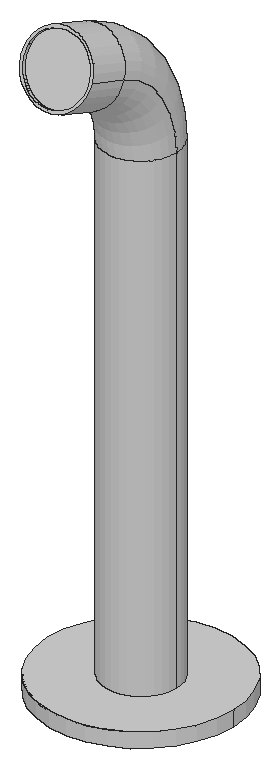
Revit family "Liano II - 210mm Basin-bath Outlet - Round", category Specialty Equipment, host Face, Revit 2019
Family settings
  Host = Face
  Round Connector Dimension = Use Radius
  Part Type = Normal
  OmniClass Number = 23.45.55.14
  OmniClass Title = Single Faucets
  Cut with Voids When Loaded = No
  Shared = No
  Room Calculation Point = No
Parameters (values of type "Liano II - 210mm Basin/bath Outlet - Round - Chrome")
  URL = "https://www.caroma.com.au/"
  Model = "96374C6A"
  Material_Base = GWA_Metal-Chrome
  Manufacturer = "GWA Bathrooms & Kitchens"  # constant formula
  Keynote = ""
  Description = "Liano II - 210mm Basin/bath Outlet - Round - Chrome"
  Default Elevation = 1000 mm
  CreatedBy_ANZRS = "GWA Bathrooms & Kitchens"  # constant formula
  Assembly Code = "C1030220"
Types (6, lengths in mm): name | Model | Material_Base | Description
  (no name) | "96374C6A" | GWA_Metal-Chrome | "Liano II - 210mm Basin/bath Outlet - Round - Chrome"
  Liano II - 210mm Basin/bath Outlet - Round - Chrome | "96374C6A" | GWA_Metal-Chrome | "Liano II - 210mm Basin/bath Outlet - Round - Chrome"
  Liano II - 210mm Basin/bath Outlet - Round - Matte Black | "96374B6A" | GWA-Metal-Black | "Liano II - 210mm Basin/bath Outlet - Round - Matte Black"
  Liano II - 210mm Basin/bath Outlet - Round - Brass | "96374BB6A" | GWA_Metal-Brushed-Brass | "Liano II - 210mm Basin/bath Outlet - Round - Brass"
  Liano II - 210mm Basin/bath Outlet - Round - Gunmetal | "96374GM6A" | GWA-Metal-Gunmetal Grey | "Liano II - 210mm Basin/bath Outlet - Round - Gunmetal"
  Liano II - 210mm Basin/bath Outlet - Round - Brushed Nickel | "96374BN6A" | GWA_Metal-Brushed-Nickel | "Liano II - 210mm Basin/bath Outlet - Round - Brushed Nickel"
Reference planes
  plane 1 "Center (Front/Back)": y = 0
  plane 2: z = 0
  plane 3 "Center (Left/Right)": x = 0
Forms (mm)
  Extrusion 1, solid, material "GWA_Metal-Chrome" <- "Material_Base"
    sketch origin (0, 0, 0) x (1, 0, 0) y (0, 1, 0)
      loop
        circle (0, 0) r 32.5
    from 0 to 5.2
  Sweep 2, solid, material "GWA_Metal-Chrome" <- "Material_Base"
    path origin (0, 0, 0) x (0, 1, 0) y (0, 0, 1)
      loop
        line (0, 0) -> (0, 172.593)
        arc (0, 172.593) -> (-6.33, 192.668) -> (-23.029, 205.482) r 35
        line (-23.029, 205.482) -> (-36.648, 210.439)
    profile origin (0, 0, 86.296) x (0, -1, 0) y (1, 0, 0)
      loop
        circle (0, 0) r 12.5
  Extrusion 3, void
    sketch origin (0, -99.995, 36.395) x (0, 0.34202, 0.939693) y (1, 0, 0)
      loop
        circle (185.213, 0) r 11.5
    from 1 to -3
Cuts and joins
  Extrusion 3 cuts Sweep 2
Lines and regions (mm)
  Masking region 1
    outline origin (0, 0, 0) x (1, 0, 0) y (0, 1, 0)
      loop
        arc (12.5, -30) -> (0, 32.5) -> (-12.5, -30) r 32.5
        line (-12.5, -30) -> (-12.5, -36.648)
        spline (-12.5, -36.648) -> (-12.074, -37.755) -> (-10.825, -38.786) -> (-8.839, -39.671) -> (-6.25, -40.35) -> (-3.235, -40.778) -> (0, -40.923) -> (3.235, -40.778) -> (6.25, -40.35) -> (8.839, -39.671) -> (10.825, -38.786) -> (12.074, -37.755) -> (12.5, -36.648)
        line (12.5, -36.648) -> (12.5, -30)
  Masking region 2
    outline origin (0, 0, 0) x (0, 1, 0) y (0, 0, 1)
      loop
        line (-12.5, 5.2) -> (-32.5, 5.2) -> (-32.5, 0) -> (32.5, 0) -> (32.5, 5.2) -> (12.5, 5.2) -> (12.5, 172.593)
        arc (12.5, 172.593) -> (3.91, 199.838) -> (-18.754, 217.228) r 47.5
        line (-18.754, 217.228) -> (-32.373, 222.185) -> (-40.923, 198.693) -> (-27.305, 193.736)
        arc (-27.305, 193.736) -> (-16.569, 185.498) -> (-12.5, 172.593) r 22.5
        line (-12.5, 172.593) -> (-12.5, 5.2)
  Masking region 3
    outline origin (0, 0, 0) x (1, 0, 0) y (0, 0, 1)
      loop
        line (-12.5, 5.2) -> (-32.5, 5.2) -> (-32.5, 0) -> (32.5, 0) -> (32.5, 5.2) -> (12.5, 5.2) -> (12.5, 210.439)
        spline (12.5, 210.439) -> (12.074, 213.479) -> (10.825, 216.312) -> (8.839, 218.745) -> (6.25, 220.611) -> (3.235, 221.785) -> (0, 222.185) -> (-3.235, 221.785) -> (-6.25, 220.611) -> (-8.839, 218.745) -> (-10.825, 216.312) -> (-12.074, 213.479) -> (-12.5, 210.439)
        line (-12.5, 210.439) -> (-12.5, 5.2)
  symbolic lines
    curve 1: arc (12.5, -30, 0) -> (0, 32.5, 0) -> (-12.5, -30, 0) r 32.5
    curve 2: line (-12.5, 0, 0) -> (-12.5, -36.648, 0)
    curve 3: line (12.5, 0, 0) -> (12.5, -36.648, 0)
    curve 4: arc (-12.5, 0, 0) -> (0, 12.5, 0) -> (12.5, 0, 0) r 12.5
    curve 5: spline (12.5, -36.648, 0) -> (12.074, -35.541, 0) -> (10.825, -34.51, 0) -> (8.839, -33.625, 0) -> (6.25, -32.946, 0) -> (3.235, -32.518, 0) -> (0, -32.373, 0) -> (-3.235, -32.518, 0) -> (-6.25, -32.946, 0) -> (-8.839, -33.625, 0) -> (-10.825, -34.51, 0) -> (-12.074, -35.541, 0) -> (-12.5, -36.648, 0) -> (-12.074, -37.755, 0) -> (-10.825, -38.786, 0) -> (-8.839, -39.671, 0) -> (-6.25, -40.35, 0) -> (-3.235, -40.778, 0) -> (0, -40.923, 0) -> (3.235, -40.778, 0) -> (6.25, -40.35, 0) -> (8.839, -39.671, 0) -> (10.825, -38.786, 0) -> (12.074, -37.755, 0) -> (12.5, -36.648, 0)
    curve 6: spline (0, -32.715, 0) -> (2.976, -32.849, 0) -> (5.75, -33.242, 0) -> (8.132, -33.867, 0) -> (9.959, -34.681, 0) -> (11.108, -35.63, 0) -> (11.5, -36.648, 0) -> (11.108, -37.666, 0) -> (9.959, -38.615, 0) -> (8.132, -39.429, 0) -> (5.75, -40.054, 0) -> (2.976, -40.447, 0) -> (0, -40.581, 0)
    curve 7: spline (0, -40.581, 0) -> (-2.976, -40.447, 0) -> (-5.75, -40.054, 0) -> (-8.132, -39.429, 0) -> (-9.959, -38.615, 0) -> (-11.108, -37.666, 0) -> (-11.5, -36.648, 0) -> (-11.108, -35.63, 0) -> (-9.959, -34.681, 0) -> (-8.132, -33.867, 0) -> (-5.75, -33.242, 0) -> (-2.976, -32.849, 0) -> (0, -32.715, 0)
    curve 8: spline (-11.418, -36.178, 0) -> (-10.756, -37.1, 0) -> (-9.469, -37.94, 0) -> (-7.631, -38.651, 0) -> (-5.348, -39.19, 0) -> (-2.754, -39.527, 0) -> (0, -39.642, 0) -> (2.754, -39.527, 0) -> (5.348, -39.19, 0) -> (7.631, -38.651, 0) -> (9.469, -37.94, 0) -> (10.756, -37.1, 0) -> (11.418, -36.178, 0)
    curve 9: line (0, -18.754, 217.228) -> (0, -32.373, 222.185)
    curve 10: line (0, -27.305, 193.736) -> (0, -40.923, 198.693)
    curve 11: arc (0, -27.305, 193.736) -> (0, -16.569, 185.498) -> (0, -12.5, 172.593) r 22.5
    curve 12: arc (0, -18.754, 217.228) -> (0, 3.91, 199.838) -> (0, 12.5, 172.593) r 47.5
    curve 13: line (0, 12.5, 5.2) -> (0, 12.5, 172.593)
    curve 14: line (0, -12.5, 5.2) -> (0, -12.5, 172.593)
    curve 15: line (0, -32.5, 5.2) -> (0, 32.5, 5.2)
    curve 16: line (0, -32.5, 0) -> (0, -32.5, 5.2)
    curve 17: line (0, 32.5, 0) -> (0, -32.5, 0)
    curve 18: line (0, 32.5, 5.2) -> (0, 32.5, 0)
    curve 19: line (0, -32.373, 222.185) -> (0, -40.923, 198.693)
    curve 20: line (32.5, 0, 5.2) -> (-32.5, 0, 5.2)
    curve 21: line (32.5, 0, 0) -> (32.5, 0, 5.2)
    curve 22: line (-32.5, 0, 0) -> (32.5, 0, 0)
    curve 23: line (-32.5, 0, 5.2) -> (-32.5, 0, 0)
    curve 24: line (12.5, 0, 210.439) -> (12.5, 0, 5.2)
    curve 25: line (-12.5, 0, 210.439) -> (-12.5, 0, 5.2)
    curve 26: spline (12.5, 0, 210.439) -> (12.074, 0, 213.479) -> (10.825, 0, 216.312) -> (8.839, 0, 218.745) -> (6.25, 0, 220.611) -> (3.235, 0, 221.785) -> (0, 0, 222.185) -> (-3.235, 0, 221.785) -> (-6.25, 0, 220.611) -> (-8.839, 0, 218.745) -> (-10.825, 0, 216.312) -> (-12.074, 0, 213.479) -> (-12.5, 0, 210.439)
Dimensions and locks
  aligned and locked: plane 2 to host face
  aligned and locked: level to host face
